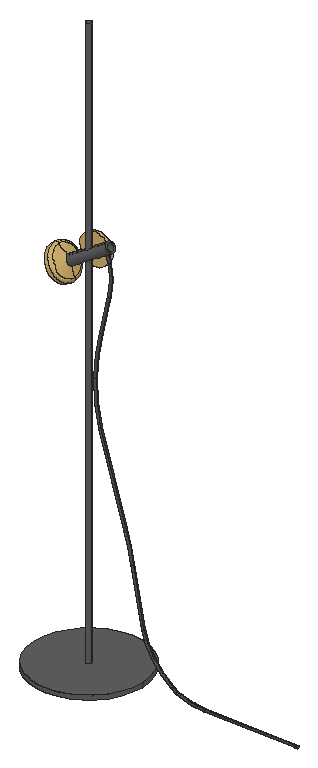
Revit family "CONV_Pholc_GnrlPrpseLmnrs_BlendFloor", category Lighting Fixtures, Revit 2015
Parameters (values of type "Black/brass")
  Weight = "3.6 kg"
  Wattage Comments = "n/a"
  Wattage = 9.2903 W
  WarrantyStartDate [instance] = "n/a"
  WarrantyGuarantorParts = "n/a"
  WarrantyGuarantorLabor = "n/a"
  WarrantyDurationUnit = "Year"
  WarrantyDurationParts = "n/a"
  WarrantyDurationLabor = "n/a"
  WarrantyDescription = "n/a"
  built-in parameter 1150110 = 1 (stored number, unit not read)
  VersionDate = "12/05/2017"  # constant formula
  Version = "1"  # constant formula
  UsageCurrent = 0 A
  Uniclass2015Reference = "Pr_70_70_48"
  Uniclass2015Description = "Luminaires, lighting track and lighting accessories"
  Uniclass2 = "Pr_70_70_49"
  URL = "http://www.pholc.se/product/blend-floor/"
  TotalWattage = 0 W
  built-in parameter 1114217 = 1 (stored number, unit not read)
  Tilt Angle = 30.00°
  built-in parameter 1150109 = 1 (stored number, unit not read)
  built-in parameter 1150134 = (empty or 0)
  TagNumber [instance] = "n/a"
  SustainabilityPerformance = "n/a"
  built-in parameter 1150113 = 1 (stored number, unit not read)
  built-in parameter 1010507 = 1.9199 (stored number, unit not read)
  built-in parameter 1010506 = 0.5236 (stored number, unit not read)
  Socket = "G4 Base"
  Size = "280x280x320mm"
  Shape = "Sculptured"
  SerialNumber [instance] = "n/a"
  Revision = "n/a"
  ReplacementCost = "n/a"
  ProductInformation = "n/a"
  PhaseReference = "n/a"
  PhaseAngle = 0.00°
  On/OffSwitch = yes
  NumberOfSources = 0
  NumberOfPoles = 1
  NominalWidth = 280 mm
  NominalVoltageCalc = 0 V
  NominalVoltage = 0 V
  NominalHeight = 1500 mm
  NominalFrequencyRange = 0 Hz
  NominalDepth = 280 mm
  NominalCurrent = 0 A
  Name = "GnrlPrpseLmnrs_BlendFloor"
  NBSReference = "90-60-50/405"
  NBSDescription = "General purpose luminaires"
  ModelReference = "n/a"
  ModelNumber = "101415"
  Model = "Blend Floor"
  MaxWatt = 20 W
  Material = "Steel&Brass"
  ManufacturersSpecificInformation = "n/a"
  ManufacturerName = "Pholc"
  Manufacturer = "Pholc"
  ManufacterURL = "www.pholc.se"
  MaintenanceFactor = 0
  Lumens = 1380 lm
  built-in parameter 1150115 = 1 (stored number, unit not read)
  built-in parameter 1150105 = 4614.1 (stored number, unit not read)
  LightFixtureTertitaryMaterial = Black textile
  LightFixtureSecondaryMaterial = Brass
  LightFixturePlacingType = "n/a"
  LightFixtureMountingType = "n/a"
  LightFixtureMainMaterial = Black Steel
  Light Source Symbol Length = 150 mm
  built-in parameter 1150137 = (empty or 0)
  built-in parameter 1150139 = (empty or 0)
  built-in parameter 1150112 = 1 (stored number, unit not read)
  built-in parameter 1150114 = 1 (stored number, unit not read)
  Lamp = "n/a"
  InsulationStandardClass = "n/a"
  InstallationDate [instance] = "n/a"
  built-in parameter 1150132 = 2
  built-in parameter 1150102 = (empty or 0)
  built-in parameter 1150138 = (empty or 0)
  built-in parameter 1150107 = 3000 (stored number, unit not read)
  built-in parameter 1150106 = 46.141 (stored number, unit not read)
  IfcExportType = "NOTDEFINED"  # constant formula
  IfcExportAs = "IfcLightFixtureType"  # constant formula
  IP_Code = "n/a"
  HasProtectiveEarth = no
  Grade = "n/a"
  Finish = "Polished"
  Features = "n/a"
  ExpiringDate = "12/2017"  # constant formula
  ExpectedLife = "n/a"
  ElectricalDeviceNominalPower = 0
  built-in parameter 1150104 = 13.8 (stored number, unit not read)
  DurationUnit = "Year"
  Dimming Lamp Color Temperature Shift = <None>
  Dimmer = yes
  Designer = "Sabina Grubbeson"
  DefaultElevation = 0 mm
  ConvergoRefNr = "0103-1704-0010-SE"
  Constituents = "n/a"
  Color Filter = 16777215
  Color = "Yellow&Black"
  Collection = "North & East"
  built-in parameter 1114216 [instance] = (empty or 0)
  CodePerformance = "n/a"
  Category = "Floor lamps"
  CableLength = 2000 mm
  BulbIncluded = yes
  Brand = "Pholc"
  Barcode [instance] = "n/a"
  built-in parameter 1114218 = 1 (stored number, unit not read)
  BIMObjectName = "CONV_Pholc_GnrlPrpseLmnrs_BlendFloor"
  Author = "Convergo AB"  # constant formula
  built-in parameter 1150133 = 10 (stored number, unit not read)
  AssetType = "Fixed"
  AssetIdentifier [instance] = "n/a"
  ArticleNumber = "101415"
  Apparent Load = 0 VA
  AccessibilityPerformance = "n/a"
Types (3, lengths in mm): name | ModelNumber | LightFixtureTertitaryMaterial | LightFixtureMainMaterial | Color | ArticleNumber
  (no name) | "101415" | Black textile | Black Steel | "Yellow&Black" | "101415"
  Black/brass | "101415" | Black textile | Black Steel | "Yellow&Black" | "101415"
  White/brass | "101413" | White Textile | White Steel | "Yellow&White" | "101413"
Reference planes
  plane 1 "Light Source Axis (F/B)": y = 0
  plane 2: z = 0
  plane 3 "Light Source Axis (L/R)": x = 0
  plane 4 "Light Source Elevation": z = 929.375
  plane 5: x = -140
  plane 6: x = 140
  plane 7: y = 140
  plane 8: y = -140
  plane 9: z = 1500
Forms (mm)
  Extrusion 1, solid, material "Black Steel" <- "LightFixtureMainMaterial"
    sketch origin (0, 0, 0) x (1, 0, 0) y (0, 1, 0)
      loop
        circle (0, 0) r 140
    from 0 to 10.938
  Extrusion 2, solid, material "Black Steel" <- "LightFixtureMainMaterial"
    sketch origin (0, 0, 0) x (1, 0, 0) y (0, 1, 0)
      loop
        circle (0, 0) r 7
    from 10.938 to 1500
  Extrusion 3, solid, material "Brass" <- "LightFixtureSecondaryMaterial"
    sketch origin (0, 8.75, 89.382) x (1, 0, 0) y (0, 0, 1)
      loop
        circle (0, 872.207) r 40
    from -19.327 to -12.604
  Extrusion 4, solid, material "Brass" <- "LightFixtureSecondaryMaterial"
    sketch origin (0, 0, 347.5) x (1, 0, 0) y (0, 0, 1)
      loop
        circle (0, 613.719) r 3
    from -21.354 to -8.334
  Sweep 5, solid, material "Black Steel" <- "LightFixtureMainMaterial"
    path origin (378.053, 0, 346.875) x (1, 0, 0) y (0, 0, 1)
      loop
        line (-423.932, 584.404) -> (-322.165, 647.995)
    profile origin (5.004, 0, 963.075) x (-0.529919, 0, 0.848048) y (0, -1, 0)
      loop
        circle (-0.094, 0) r 10
      loop
        circle (-0.094, 0) r 13
  Revolve 6, solid, material "Brass" <- "LightFixtureSecondaryMaterial"
    sketch origin (378.014, 0, 346.937) x (1, 0, 0) y (0, 0, 1)
      loop
        line (-473.987, 606.323) -> (-473.461, 605.473) -> (-464.872, 610.796)
        arc (-464.872, 610.796) -> (-460.075, 611.948) -> (-455.537, 610.015) r 7.861
        line (-455.537, 610.015) -> (-433.589, 590.697)
        arc (-433.589, 590.697) -> (-432.446, 590.199) -> (-431.225, 590.458) r 2.043
        line (-431.225, 590.458) -> (-429.516, 591.517) -> (-424.782, 583.878) -> (-423.932, 584.404) -> (-429.193, 592.894) -> (-431.371, 591.544)
        arc (-431.371, 591.544) -> (-432.317, 591.317) -> (-433.212, 591.698) r 1.55
        line (-433.212, 591.698) -> (-454.876, 610.766)
        arc (-454.876, 610.766) -> (-459.992, 612.945) -> (-465.398, 611.646) r 8.861
        line (-465.398, 611.646) -> (-473.987, 606.323)
      axis (-450.281, 568.074) -> (-423.932, 584.404)
    angle from 0 to 360
  Extrusion 7, void
    sketch origin (0, 0, 0) x (1, 0, 0) y (0, 0, 1)
      loop
        line (-6.181, 922.318) -> (38.721, 951.529) -> (13.365, 997.272) -> (-31.537, 968.061) -> (-6.181, 922.318)
    from -6.961 to 7.02
  Sweep 8, solid, material "Black textile" <- "LightFixtureTertitaryMaterial"
    path origin (375, 0, 1.094) x (1, 0, 0) y (0, 0, 1)
      loop
        arc (-334.758, 987.582) -> (-325.897, 972.372) -> (-320.523, 955.608) r 81.169
        arc (-320.523, 955.608) -> (-316.764, 918.321) -> (-320.573, 881.038) r 185.608
        arc (-320.573, 881.038) -> (-330.889, 833.781) -> (-342.334, 786.784) r 2019.512
        arc (-342.334, 786.784) -> (-353.02, 732.746) -> (-357.643, 677.855) r 495.544
        arc (-357.643, 677.855) -> (-355.48, 621.207) -> (-345.818, 565.348) r 426.135
        arc (-345.818, 565.348) -> (-316.093, 456.796) -> (-280.034, 350.18) r 1912.469
        arc (-280.034, 350.18) -> (-268.937, 314.299) -> (-261.89, 277.408) r 337.871
        arc (-261.89, 277.408) -> (-250.151, 205.832) -> (-234.223, 135.072) r 1232.48
        arc (-234.223, 135.072) -> (-205.568, 72.733) -> (-156.79, 24.486) r 191.602
        arc (-156.79, 24.486) -> (-146.455, 18.308) -> (-135.443, 13.437) r 98.522
        arc (-135.443, 13.437) -> (-104.164, 4.885) -> (-71.867, 1.969) r 183.587
        line (-71.867, 1.969) -> (168.133, 1.969)
    profile origin (58.236, 0, 919.414) x (1, 0, -0.000683) y (0, -1, 0)
      loop
        circle (0, 0) r 3
Cuts and joins
  Extrusion 7 cuts Sweep 5
  Extrusion 7 cuts Extrusion 4
Dimensions and locks
  equal spacing: plane 5, plane 3 "Light Source Axis (L/R)", plane 6
  equal spacing: plane 7, plane 1 "Light Source Axis (F/B)", plane 8
  "NominalDepth": plane 7 to plane 8
  "NominalHeight": plane 9 to plane 2
  "NominalWidth": plane 5 to plane 6
  aligned and locked: plane 1 "Light Source Axis (F/B)" to imposter light
  aligned and locked: plane 4 "Light Source Elevation" to imposter light
  aligned and locked: level to plane 2
Automatic sketch dimensions
  plane 1 "Light Source Axis (F/B)" to Extrusion 1 sketch curve = 0 mm
  Extrusion 1 sketch curve to plane 3 "Light Source Axis (L/R)" = 0 mm
  plane 1 "Light Source Axis (F/B)" to Extrusion 2 sketch curve = 0 mm
  Extrusion 2 sketch curve to plane 3 "Light Source Axis (L/R)" = 0 mm
  Extrusion 3 sketch curve to plane 3 "Light Source Axis (L/R)" = 0 mm
  Extrusion 3 sketch curve to plane 4 "Light Source Elevation" = 32.214 mm
  Extrusion 4 sketch curve to plane 3 "Light Source Axis (L/R)" = 0 mm
  Extrusion 4 sketch curve to plane 4 "Light Source Elevation" = 31.844 mm
  plane 5 to Sweep 5 sketch curve = 94.121 mm
  Sweep 5 sketch curve to plane 4 "Light Source Elevation" = 1.904 mm
  Sweep 5 sketch curve to Sweep 5 sketch curve = 101.766 mm
  Sweep 5 sketch curve to Sweep 5 sketch curve = 63.591 mm
  Revolve 6 sketch curve to Revolve 6 sketch curve = 0 mm  (x2)
  plane 5 to Revolve 6 sketch curve = 44.027 mm
  Revolve 6 sketch curve to Revolve 6 sketch curve = 0.527 mm  (x3)
  Revolve 6 sketch curve to Revolve 6 sketch curve = 8.589 mm
  Revolve 6 sketch curve to Revolve 6 sketch curve = 4.141 mm
  Revolve 6 sketch curve to Revolve 6 sketch curve = 5.194 mm
  Revolve 6 sketch curve to Revolve 6 sketch curve = 0.661 mm
  Revolve 6 sketch curve to Revolve 6 sketch curve = 21.947 mm
  Revolve 6 sketch curve to Revolve 6 sketch curve = 0.377 mm
  Revolve 6 sketch curve to Revolve 6 sketch curve = 0.972 mm
  Revolve 6 sketch curve to Revolve 6 sketch curve = 0.052 mm
  Revolve 6 sketch curve to Revolve 6 sketch curve = 0.868 mm
  Revolve 6 sketch curve to Revolve 6 sketch curve = 0.146 mm
  Revolve 6 sketch curve to Revolve 6 sketch curve = 1.855 mm
  Revolve 6 sketch curve to Revolve 6 sketch curve = 0.323 mm
  Revolve 6 sketch curve to Revolve 6 sketch curve = 4.735 mm
  Revolve 6 sketch curve to Revolve 6 sketch curve = 0.85 mm  (x2)
  Revolve 6 sketch curve to plane 4 "Light Source Elevation" = 1.439 mm
  Revolve 6 sketch curve to Revolve 6 sketch curve = 0.846 mm
  Revolve 6 sketch curve to Revolve 6 sketch curve = 1 mm
  Revolve 6 sketch curve to Revolve 6 sketch curve = 12.417 mm
  Revolve 6 sketch curve to Revolve 6 sketch curve = 1.359 mm
  Revolve 6 sketch curve to Revolve 6 sketch curve = 16.692 mm
  plane 3 "Light Source Axis (L/R)" to Revolve 6 sketch curve = 56.081 mm
  Revolve 6 sketch curve to Revolve 6 sketch curve = 22.624 mm
  Revolve 6 sketch curve to Revolve 6 sketch curve = 63.216 mm
  Extrusion 7 sketch curve to plane 3 "Light Source Axis (L/R)" = 6.181 mm
  plane 3 "Light Source Axis (L/R)" to Extrusion 7 sketch curve = 38.721 mm
  plane 4 "Light Source Elevation" to Extrusion 7 sketch curve = 7.057 mm
  Extrusion 7 sketch curve to plane 4 "Light Source Elevation" = 22.154 mm
  Extrusion 7 sketch curve to plane 3 "Light Source Axis (L/R)" = 31.537 mm
  plane 3 "Light Source Axis (L/R)" to Extrusion 7 sketch curve = 13.365 mm
  Extrusion 7 sketch curve to plane 4 "Light Source Elevation" = 38.686 mm
  Extrusion 7 sketch curve to Extrusion 7 sketch curve = 45.743 mm
  Sweep 5 sketch curve to Sweep 5 sketch curve = 0 mm  (x2)
  profile plane to Sweep 5 sketch curve = 0 mm
  profile plane to Sweep 5 sketch curve = 0.094 mm
  Sweep 8 sketch curve to plane 1 "Light Source Axis (F/B)" = 0 mm
  Sweep 8 sketch curve to profile plane = 0 mm
  Sweep 8 sketch curve to plane 9 = 210.834 mm
  Sweep 8 sketch curve to plane 5 = 1783.641 mm
  Sweep 8 sketch curve to plane 5 = 81.771 mm
  plane 5 to Sweep 8 sketch curve = 12.627 mm
  Sweep 8 sketch curve to plane 4 "Light Source Elevation" = 11.076 mm
  Sweep 8 sketch curve to plane 3 "Light Source Axis (L/R)" = 25.048 mm
  plane 6 to Sweep 8 sketch curve = 133.833 mm
  Sweep 8 sketch curve to Sweep 8 sketch curve = 29.594 mm
  Sweep 8 sketch curve to Sweep 8 sketch curve = 22.955 mm
  plane 6 to Sweep 8 sketch curve = 303.321 mm
  Sweep 8 sketch curve to Sweep 8 sketch curve = 69.38 mm
  level to Sweep 8 sketch curve = 442.095 mm
  Sweep 8 sketch curve to Sweep 8 sketch curve = 821.984 mm
  Sweep 8 sketch curve to plane 4 "Light Source Elevation" = 87.667 mm
  Sweep 8 sketch curve to Sweep 8 sketch curve = 553.126 mm
  level to Sweep 8 sketch curve = 233.654 mm
  level to Sweep 8 sketch curve = 186.649 mm
  Sweep 8 sketch curve to Sweep 8 sketch curve = 2.924 mm
  Sweep 8 sketch curve to Sweep 8 sketch curve = 79.75 mm
  plane 4 "Light Source Elevation" to Sweep 8 sketch curve = 264.502 mm
  Sweep 8 sketch curve to Sweep 8 sketch curve = 1.971 mm
  plane 4 "Light Source Elevation" to Sweep 8 sketch curve = 9.834 mm
  plane 3 "Light Source Axis (L/R)" to Sweep 8 sketch curve = 17.357 mm
  Sweep 8 sketch curve to Sweep 8 sketch curve = 0 mm  (x10)
  plane 3 "Light Source Axis (L/R)" to Sweep 8 sketch curve = 40.242 mm
  level to Sweep 8 sketch curve = 3.063 mm
  Sweep 8 sketch curve to Sweep 8 sketch curve = 240 mm
  radius of Extrusion 1 sketch curve = 140 mm
  radius of Extrusion 2 sketch curve = 7 mm
  radius of Extrusion 3 sketch curve = 40 mm
  radius of Extrusion 4 sketch curve = 3 mm
  radius of Sweep 5 sketch curve = 10 mm
  radius of Sweep 5 sketch curve = 13 mm
  radius of Sweep 8 sketch curve = 3 mm
Connectors
  electrical at (543.133, 0, 3.063)
    settings: on Sweep 8, index 1, voltage 0 V, apparent load 0 VA, apparent load phase1 0 VA, apparent load phase2 0 VA, apparent load phase3 0 VA, power factor 1, load classification "Other", number of poles 1, system type 31, power factor state 1, is connector primary yes, connector utility no, sub classification motor no, connector description ""
